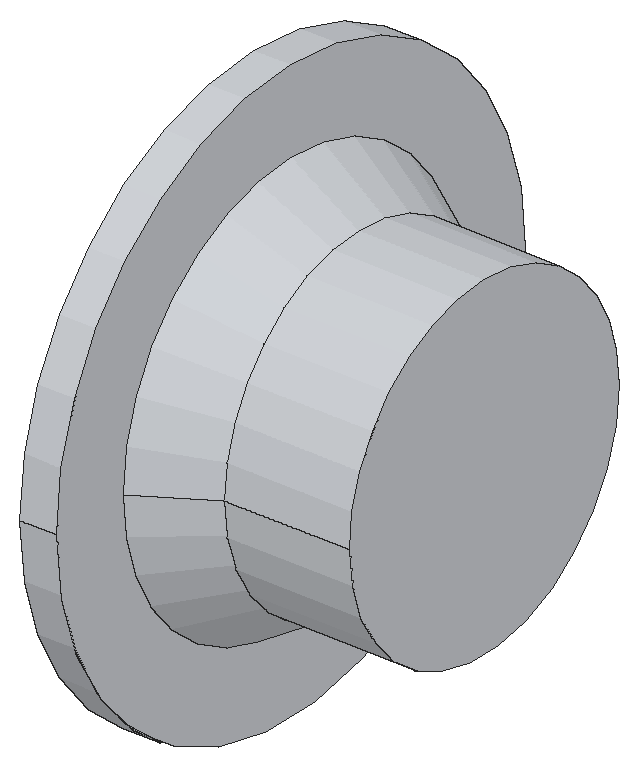
Revit family "7e65fa0164f14cc8be5ded315f86d998", category Pipe Fittings, Revit 2021
Family settings
  Round Connector Dimension = Use Radius
  Part Type = Multi Port
  OmniClass Number = 23.60.30.11.14
  OmniClass Title = Pipework Fittings
  Seek Item ID = Closet Flange - PVC - Sch 40 - DWV-0000-USA-ENU
  Work Plane-Based = No
  Always vertical = Yes
  Cut with Voids When Loaded = No
  Shared = No
Parameters (values of type "Standard")
  Wall Thickness 2 [instance] = size_lookup(Lookup Table Name, "WThk", 0.02 * Nominal Diameter 2 + 33/256", Nominal Diameter 2)  # 0.219"
  Wall Thickness 1 [instance] = size_lookup(Lookup Table Name, "WThk", 0.02 * Nominal Diameter 1 + 33/256", Nominal Diameter 1)  # 1/4"
  Tick Size 2 [instance] = Socket Outside Diameter 2 * 0.4  # 1.608"
  Tick Size 1 [instance] = Socket Outside Diameter 1 * 0.4  # 2.008"
  Socket Outside Radius 2 [instance] = Socket Outside Diameter 2 / 2  # 2.01"
  Socket Outside Radius 1 [instance] = Socket Outside Diameter 1 / 2  # 2.51"
  Socket Outside Diameter 2 [instance] = Socket Entrance Diameter 2 + Wall Thickness 1 * 2  # 4.02"
  Socket Outside Diameter 1 [instance] = Socket Entrance Diameter 1 + Wall Thickness 1 * 2  # 5.02"
  Socket Entrance Diameter 2 [instance] = size_lookup(Lookup Table Name, "SED", 1.04 * Nominal Diameter 2 + 95/256", Nominal Diameter 2)  # 3.52"
  Socket Entrance Diameter 1 [instance] = size_lookup(Lookup Table Name, "SED", 1.04 * Nominal Diameter 1 + 95/256", Nominal Diameter 1)  # 4.52"
  Socket Depth 2 [instance] = size_lookup(Lookup Table Name, "SDpt", 0.5 * Nominal Diameter 2, Nominal Diameter 2)  # 1 1/2"
  Nominal Radius 2 [instance] = 1 1/2"
  Nominal Radius 1 [instance] = 2"
  Nominal Diameter 2 [instance] = Nominal Radius 2 * 2  # 3"
  Nominal Diameter 1 [instance] = Nominal Radius 1 * 2  # 4"
  Loss Method = Not Defined
  Lookup Table Name = "Closet Flange - PVC - Sch 40 - DWV"
  Flange Thickness [instance] = size_lookup(Lookup Table Name, "FThk", 0.10938 * Nominal Diameter 1, Nominal Diameter 1)  # 0.438"
  Flange Radius [instance] = Flange Diameter / 2  # 3 1/2"
  Flange Diameter [instance] = size_lookup(Lookup Table Name, "FDia", 1.75 * Nominal Diameter 1, Nominal Diameter 1)  # 7"
  Fitting Length [instance] = size_lookup(Lookup Table Name, "FLgt", 0.3125 * Nominal Diameter 1, Nominal Diameter 1)  # 1 1/4"
  Default Elevation = 0' - 0"
Reference planes (in)
  plane 1 "Center (Front/Back)": y = 0
  plane 2: z = 0
  plane 3 "Center (Left/Right)": x = 0
  plane 4: x = 0.438
  plane 5: x = 1.25
  plane 6: x = 2.75
  plane 7: y = 2.008
  plane 8: y = -2.008
  plane 9: y = 1.608
  plane 10: y = -1.608
Forms (in)
  Extrusion 1, solid, detail levels fine
    sketch origin (0, 0, 0) x (0, 1, 0) y (0, 0, 1)
      loop
        circle (0, 0) r 3.5
    from 0 to 0.438
  Extrusion 2, solid, detail levels fine
    sketch origin (0, 0, 0) x (0, 1, 0) y (0, 0, 1)
      loop
        circle (0, 0) r 2.01
    from 1.25 to 2.75
  Blend 3, solid, detail levels fine
    base sketch origin (0, 0, 0) x (0, 1, 0) y (0, 0, 1)
      loop
        circle (0, 0) r 2.51
    top sketch origin (0, 0, 0) x (0, 1, 0) y (0, 0, 1)
      loop
        circle (0, 0) r 2.01
    from 0.438 to 1.25
Cuts and joins
  joined: Extrusion 1, Extrusion 2, Blend 3
Lines and regions (in)
  model lines, detail levels coarse+medium
    curve 1: line (0, 0, 0) -> (2.75, 0, 0)
    curve 2: line (0, 2.008, 0) -> (0, -2.008, 0)
    curve 3: line (2.75, 1.608, 0) -> (2.75, -1.608, 0)
Dimensions and locks (in)
  "Flange Thickness": plane 3 "Center (Left/Right)" to plane 4
  "Fitting Length": plane 3 "Center (Left/Right)" to plane 5
  "Socket Depth 2": plane 5 to plane 6
  equal spacing: plane 7, plane 1 "Center (Front/Back)", plane 8
  "Tick Size 1": plane 7 to plane 1 "Center (Front/Back)"
  equal spacing: plane 9, plane 1 "Center (Front/Back)", plane 10
  "Tick Size 2": plane 9 to plane 1 "Center (Front/Back)"
  "Flange Radius": radius of Extrusion 1 sketch curve
  "Socket Outside Radius 2": radius of Extrusion 2 sketch curve
  "Socket Outside Radius 1": radius of Blend 3 sketch curve
  "Socket Outside Radius 2": radius of Blend 3 sketch curve
  aligned and locked: plane 2 to Extrusion 1 sketch curve
  aligned and locked: plane 1 "Center (Front/Back)" to Extrusion 1 sketch curve
  aligned and locked: plane 2 to Extrusion 2 sketch curve
  aligned and locked: plane 1 "Center (Front/Back)" to Extrusion 2 sketch curve
  aligned and locked: Extrusion 1 to plane 3 "Center (Left/Right)"
  aligned and locked: plane 4 to Extrusion 1
  aligned and locked: Extrusion 2 to plane 5
  aligned and locked: plane 6 to Extrusion 2
  aligned and locked: plane 2 to Blend 3 sketch curve  (x2)
  aligned and locked: plane 1 "Center (Front/Back)" to Blend 3 sketch curve  (x2)
  aligned and locked: Blend 3 to plane 4
  aligned and locked: plane 5 to Blend 3
  aligned and locked: plane 3 "Center (Left/Right)" to curve 1
  aligned and locked: plane 6 to curve 1
  aligned and locked: plane 1 "Center (Front/Back)" to curve 1
  aligned and locked: plane 7 to curve 2
  aligned and locked: plane 8 to curve 2
  aligned and locked: curve 2 to plane 3 "Center (Left/Right)"
  aligned and locked: plane 9 to curve 3
  aligned and locked: plane 10 to curve 3
  aligned and locked: curve 3 to plane 6
Connectors (in)
  piping at (0, 0, 0), diameter 4, driven by "Nominal Radius 1"
    settings: on cut or joined group of Extrusion 1, Extrusion 2, Blend 3, index 1, connector inside diameter 4", connector length 0' - 0", flow factor 0, pipe flow 0 GPM, pressure drop 0.00 psi, fitting loss kfactor 0, connector angle 0.00°, fixture units 0, engagement length 0' - 0", angle of deflection 0.00°, flow configuration 0, flow direction 0, fitting loss method 0, system type 28, joint type 0, gender type 0, connector reference index 2, connector utility 0, adjustable connector no, is connector primary yes, connector description ""
  piping at (2.75, 0, 0), diameter 3, driven by "Nominal Radius 2"
    settings: on cut or joined group of Extrusion 1, Extrusion 2, Blend 3, index 2, connector inside diameter 3", connector length 0' - 0", flow factor 0, pipe flow 0 GPM, pressure drop 0.00 psi, fitting loss kfactor 0, connector angle 0.00°, fixture units 0, engagement length 0' - 0", angle of deflection 0.00°, flow configuration 0, flow direction 0, fitting loss method 0, system type 28, joint type 0, gender type 0, connector reference index 1, connector utility 0, adjustable connector no, is connector primary no, connector description ""
